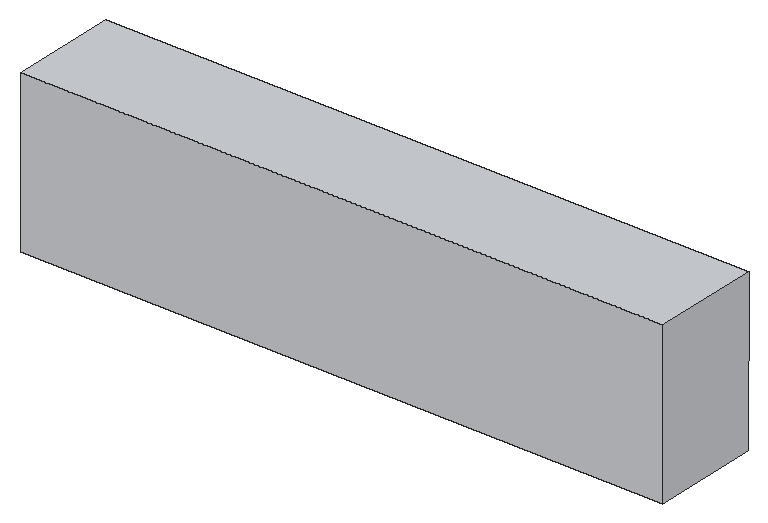
Revit family "RectangleStyroPanel_SF", category Structural Framing, Revit 2024
Family settings
  Section Shape = Rectangle
  Material for Model Behavior = Other
  Always export as geometry = No
  OmniClass Number = 23.25.30.11.14.14
  OmniClass Title = Beams
  Always vertical = Yes
  Cut with Voids When Loaded = No
  Symbolic Representation = From Family
  Shared = No
  Show family pre-cut in plan views = Yes
Parameters
  d [instance] = 1' - 6"
  bf [instance] = 1' - 0"
  Structural Material [instance] = none
  Length [instance] = 10' - 0"
Reference planes (in)
  plane 1 "Center (Front/Back)": y = 0
  plane 2 "Center El.": z = 0
  plane 3 "Center (Left/Right)": x = 0
  plane 4 "Left": x = -60
  plane 5 "Member Left": x = -48
  plane 6 "Stick Symbol Left": x = -36
  plane 7 "Right": x = 60
  plane 8 "Member Right": x = 48
  plane 9 "Stick Symbol Right": x = 36
  plane 10: y = 6
  plane 11: y = -6
  plane 12: z = 9
  plane 13: z = -9
Forms (in)
  Extrusion 1, solid, material <- "Structural Material"
    sketch origin (0, 0, 0) x (0, 1, 0) y (0, 0, 1)
      loop
        line (6, 9) -> (-6, 9) -> (-6, -9) -> (6, -9) -> (6, 9)
    from -36 to 36
Lines and regions (in)
  model lines, style "Stick Symbols", detail levels coarse
    curve 1: line (-36, 0, 0) -> (36, 0, 0)
Dimensions and locks (in)
  equal spacing: plane 4 "Left", plane 3 "Center (Left/Right)", plane 7 "Right"
  "Length": plane 4 "Left" to plane 7 "Right"
  "bf": plane 10 to plane 11
  equal spacing: plane 10, plane 1 "Center (Front/Back)", plane 11
  equal spacing: plane 12, level, plane 13
  "d": plane 12 to plane 13
  aligned and locked: plane 1 "Center (Front/Back)" to curve 1
  aligned and locked: plane 6 "Stick Symbol Left" to curve 1
  aligned and locked: plane 9 "Stick Symbol Right" to curve 1
  aligned and locked: level to plane 2 "Center El."
  aligned and locked: plane 12 to Extrusion 1 sketch curve
  aligned and locked: Extrusion 1 sketch curve to plane 10
  aligned and locked: plane 13 to Extrusion 1 sketch curve
  aligned and locked: Extrusion 1 sketch curve to plane 11
  aligned and locked: plane 6 "Stick Symbol Left" to Extrusion 1
  aligned and locked: Extrusion 1 to plane 9 "Stick Symbol Right"
